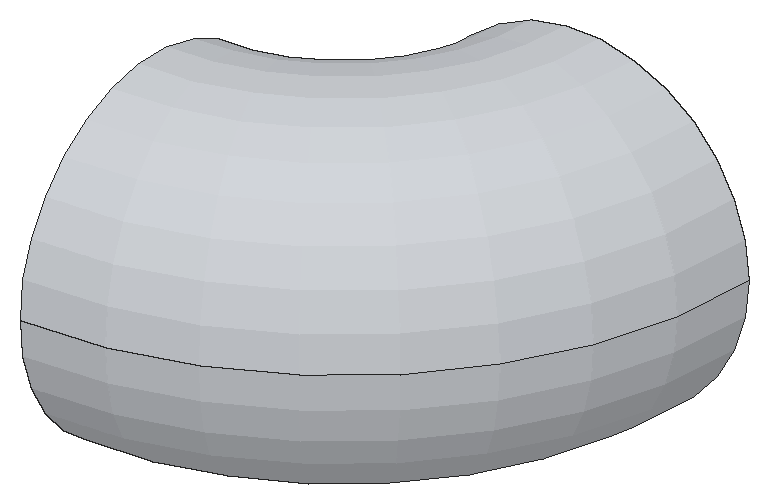
Revit family "eef0994a163e4fc381e10ff77811b02c", category Pipe Fittings, Revit 2021
Family settings
  Round Connector Dimension = Use Radius
  Part Type = Elbow
  OmniClass Number = 23.60.30.11.14
  OmniClass Title = Pipework Fittings
  Seek Item ID = Elbow - Generic-0000-USA-ENU
  Work Plane-Based = No
  Always vertical = Yes
  Cut with Voids When Loaded = No
  Shared = No
Parameters (values of type "Standard")
  Tick Size [instance] = Fitting Outside Diameter * 0.4 * tan(Angle / 2)  # 0.45"
  Nominal Radius [instance] = 1/2"
  Nominal Diameter [instance] = Nominal Radius * 2  # 1"
  Loss Method = K Coefficient from Table
  Lookup Table Name = "Pipe Fitting - Generic"
  K Coefficient Table = "Regular 45, 90 and 180 Elbow"
  Fitting Outside Radius [instance] = Fitting Outside Diameter / 2  # 9/16"
  Fitting Outside Diameter [instance] = size_lookup(Lookup Table Name, "FOD", Nominal Diameter + 1/8", Nominal Diameter)  # 1 1/8"
  Default Elevation = 0' - 0"
  Center to End [instance] = Center Radius * tan(Angle / 2)  # 13/16"
  Center Radius [instance] = Fitting Outside Radius + 1/4"  # 13/16"
  Angle [instance] = 90.00°
Reference planes (in)
  plane 1 "Center (Front/Back)": y = 0
  plane 2: z = 0
  plane 3 "Center (Left/Right)": x = 0
  plane 4: x = -0.8125
  plane 5: y = 0.8125
  plane 6: y = 0.45
  plane 7: y = -0.45
Forms (in)
  Sweep 1, solid, detail levels fine
    path in 3D
      loop
        arc (-0.8125, 0, 0) -> (-0.23798, 0.23798, 0) -> (0, 0.8125, 0) r 0.8125
    profile origin (-0.23798, 0.23798, 0) x (-0.707107, 0.707107, 0) y (0, 0, 1)
      loop
        circle (0, 0) r 0.5625
Lines and regions (in)
  reference lines
    curve 1: line (0, 0, 0) -> (0, 0.68409, 0)
    curve 2: line (-0.8125, 0.8125, 0) -> (0.6875, 0.8125, 0)
    curve 3: line (-0.45, 0.17, 0) -> (-0.45, 0.92, 0)
    curve 4: line (0.45, 0.23956, 0) -> (0.45, 0.78038, 0)
    curve 5: arc (-0.8125, 0, 0) -> (-0.23798, 0.23798, 0) -> (0, 0.8125, 0) r 0.8125
  model lines, detail levels coarse+medium
    curve 6: line (-0.8125, 0.45, 0) -> (-0.8125, -0.45, 0)
    curve 7: arc (-0.8125, 0, 0) -> (-0.23798, 0.23798, 0) -> (0, 0.8125, 0) r 0.8125
    curve 8: line (-0.45, 0.8125, 0) -> (0.45, 0.8125, 0)
  sketch lines
    curve 9: arc (-0.8125, 0, 0) -> (-0.23798, 0.23798, 0) -> (0, 0.8125, 0) r 0.8125
Dimensions and locks (in)
  "Center to End": plane 4 to plane 3 "Center (Left/Right)"
  "Center Radius": plane 5 to plane 1 "Center (Front/Back)"
  "Tick Size": plane 6 to plane 1 "Center (Front/Back)"
  "Tick Size": plane 7 to plane 1 "Center (Front/Back)"
  equal spacing: curve 4, curve 1, curve 3
  "Tick Size": curve 1 to curve 3
  "Center Radius": radius of curve 5
  "Center Radius": radius of curve 7
  "Fitting Outside Radius": radius of Sweep 1 sketch curve
  "Angle": angle plane 1 "Center (Front/Back)" to curve 1
  "Angle": angle plane 4 to curve 2
  "Angle": angle plane 1 "Center (Front/Back)" to curve 3
  "Angle": angle plane 1 "Center (Front/Back)" to curve 4
  "Angle": angle curve 5 to curve 5
  "Angle": angle curve 7 to curve 7
  aligned and locked: plane 1 "Center (Front/Back)" to curve 1
  aligned and locked: plane 3 "Center (Left/Right)" to curve 1
  aligned and locked: plane 4 to curve 2
  aligned and locked: plane 5 to curve 2
  aligned and locked: plane 4 to curve 5  (x2)
  aligned and locked: plane 5 to curve 5
  aligned and locked: plane 6 to curve 6
  aligned and locked: plane 7 to curve 6
  aligned and locked: curve 6 to plane 4
  aligned and locked: plane 4 to curve 7  (x2)
  aligned and locked: plane 5 to curve 7
  aligned and locked: curve 3 to curve 8
  aligned and locked: curve 4 to curve 8
  aligned and locked: curve 2 to curve 8
Automatic sketch dimensions
  curve 1 to curve 4 = 0' - 0.09629"
  curve 1 to curve 3 = 0' - 0.17"
  Sweep 1 sketch curve to profile plane = 0' - 0"
  profile plane to Sweep 1 sketch curve = 0' - 0"
Connectors (in)
  piping at (-0.8125, 0, 0), diameter 1, driven by "Angle", driven by "Nominal Radius"
    settings: on Sweep 1, index 1, connector inside diameter 1", connector length 0' - 0", flow factor 0, pipe flow 0 GPM, pressure drop 0.00 psi, fitting loss kfactor 0, connector angle 90.00°, fixture units 0, engagement length 0' - 0", angle of deflection 0.00°, flow configuration 0, flow direction 0, fitting loss method 0, system type 28, joint type 0, gender type 0, connector reference index 2, connector utility 0, adjustable connector no, is connector primary yes, connector description ""
  piping at (0, 0.8125, 0), diameter 1, driven by "Angle", driven by "Nominal Radius"
    settings: on Sweep 1, index 2, connector inside diameter 1", connector length 0' - 0", flow factor 0, pipe flow 0 GPM, pressure drop 0.00 psi, fitting loss kfactor 0, connector angle 90.00°, fixture units 0, engagement length 0' - 0", angle of deflection 0.00°, flow configuration 0, flow direction 0, fitting loss method 0, system type 28, joint type 0, gender type 0, connector reference index 1, connector utility 0, adjustable connector no, is connector primary no, connector description ""
